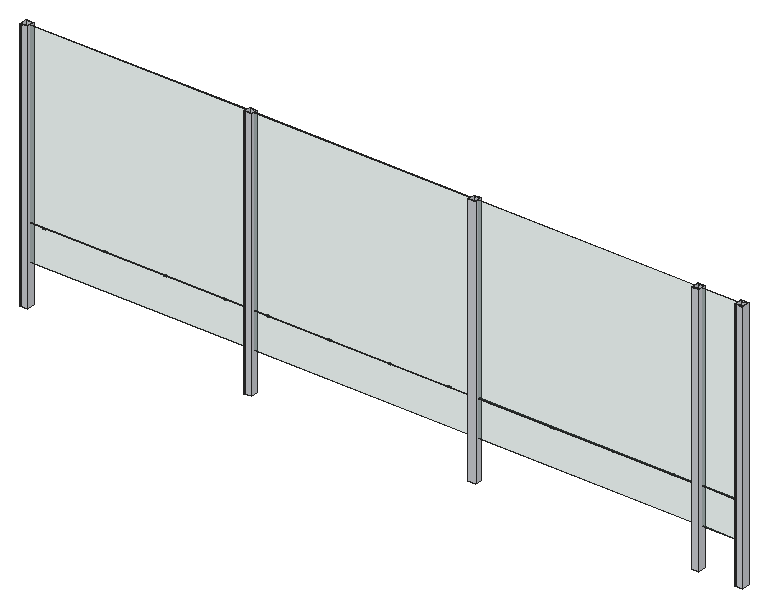
Revit family "Ограждение_Составное_Панель_2D_3000", category Специальное оборудование, Revit 2019
Family settings
  Размер круглого соединителя = Использовать диаметр
  Тип детали = Нормальный
  При загрузке вырезать с полостями = Нет
  Общий = Нет
  Точка расчета площади = Нет
Parameters (values of type "Панель 3000_Под бетон_Столб 100х100")
  Ячейка 50х200 [instance] = not(Ячейка 50х150)  # no
  Ячейка 50х150 [instance] = yes
  Ширина столба = 100 mm
  Ширина резаной [instance] = if(not(Шаг последнего столба - Ширина столба > 0 mm), 1 mm, Шаг последнего столба - Ширина столба)  # 500 mm
  Ширина панели = 3000 mm
  Ширина 1ой панели [instance] = if([built-in parameter 1001306] < Шаг столбов, 1 mm, Шаг столбов - Ширина столба)  # 3000 mm
  Шаг столбов [instance] = Ширина панели + Ширина столба  # 3100 mm
  Условное обозначение [instance] = no
  Толщина стенки столба [instance] = 3 mm
  Тип крепежа [instance] = 2
  Таблица высот 2д [instance] = "Таблица высот 2д"  # constant formula
  С фланцем под В.О. = not(or(Под бетонирование, С фланцем))  # no
  С фланцем = no
  Показать последний [instance] = yes
  Показать первый [instance] = yes
  Шаг последнего столба [instance] = if(if(not([built-in parameter 1001306] > Шаг столбов), [built-in parameter 1001306], [built-in parameter 1001306] - (rounddown([built-in parameter 1001306] / Шаг столбов) * Шаг столбов)) = 0 mm, Шаг столбов, if(not([built-in parameter 1001306] > Шаг столбов), [built-in parameter 1001306], [built-in parameter 1001306] - (rounddown([built-in parameter 1001306] / Шаг столбов) * Шаг столбов)))  # 600 mm
  Расчёт ячейки [instance] = if(Ячейка 50х150, 2, 0)  # 2
  Пруток D=5/5/5мм [instance] = not(or([Пруток D=6/5/6], [Пруток D=8/6/8мм]))  # yes
  Пруток D=8/6/8мм [instance] = no
  Пруток D=6/5/6 [instance] = no
  Показать средний столб [instance] = N панелей = 2  # no
  Под насадку [instance] = no
  Под бетонирование = yes
  Отступ панели от основания = 40 mm
  Отступ панели = Ширина столба / 2  # 50 mm
  Ограничитель высоты [instance] = roundup(if(Высота забора < 3000 mm, 3000 mm, if(Высота забора > 4900 mm, 4900 mm, Высота забора)) / 100 mm) * 100 mm  # 3000 mm
  Инструкция [instance] = "https://docs.google.com/document/d/1XoauSrwt7IGAhMdFAXwtCzeMTNeNAc0jOe2-wnaxtaw/edit#heading=h.gjdgxs"
  Изготовитель = [ADSK_Завод-изготовитель]  # "FENSYS"
  built-in parameter 1001306 [instance] = 9900 mm
  Диаметр сваи [instance] = 57 mm
  Группа модели = "Ограждение"  # constant formula
  Глубина столба = 100 mm
  Высота столба [instance] = Отступ панели от основания + Высота нижней панели + Высота верхней панели  # 3000 mm
  Высота сваи [instance] = 1000 mm
  Расчет D прутка [instance] = if([Пруток D=6/5/6], 1, if([Пруток D=8/6/8мм], 2, 0))  # 0
  Высота нижней панели [instance] = size_lookup(Таблица высот 2д, "Высота нижней панели", 500 mm, Ограничитель высоты)  # 500 mm
  Высота межпанельного крепежа [instance] = Высота нижней панели + 40 mm  # 540 mm
  Высота забора [instance] = 3000 mm
  Высота верхней панели [instance] = Ограничитель высоты - 40 mm - Высота нижней панели  # 2460 mm
  Выбор типа основания [instance] = if(Под бетонирование, 1, if(С фланцем, 2, 0))  # 1
  Видимость соединителей первой панели [instance] = and([built-in parameter 1001306] > Шаг столбов, [built-in parameter 1001306] < Шаг столбов * 2)  # no
  Видимость массива соединителей последней панели [instance] = and(not(Шаг последнего столба - Ширина столба < 1000 mm), not([built-in parameter 1001306] = Шаг столбов * 2))  # no
  Видимость одного соединителя последней панели [instance] = and(Шаг последнего столба - Ширина столба < 1000 mm, Шаг последнего столба - Ширина столба > 500 mm)  # no
  Видимость массива столбов [instance] = N панелей > 2  # yes
  Видимость соединителей массива [instance] = not([built-in parameter 1001306] < Шаг столбов * 2)  # yes
  Видимость массива панелей [instance] = N панелей > 2  # yes
  Видимость 1ой панели [instance] = N панелей = 2  # no
  URL = "https://www.fensys.ru/oprosnyy-list/"
  N столбов в массиве [instance] = if((N панелей - 1) < 2, 2, N панелей - 1)  # 3
  N панелей в массиве [instance] = if(N панелей > 2, N панелей - 1, 2)  # 3
  N панелей [instance] = if([built-in parameter 1001306] > Шаг столбов, roundup([built-in parameter 1001306] / Шаг столбов), 1)  # 4
  ADSK_Размер_Длина [instance] = [built-in parameter 1001306]  # 9900 mm
  ADSK_Наименование = "Ограждение составное 2д - Панель 3000_Под бетон_Столб 100х100"
  ADSK_Завод-изготовитель = "FENSYS"  # constant formula
  ADSK_Единица измерения = "м."  # constant formula
Reference planes
  plane 1 "По центру (Вперед/Назад)": y = 0
  plane 2: z = 0
  plane 3 "Слева": x = 0
  plane 4 "Справа": x = 9900
  plane 5 "Верх стойки": z = 3000
  plane 6: x = 3100
  plane 7: x = 6200
  plane 8 "ось предпоследнего столба": x = 9300
  plane 9 "Низ нижней панели": z = 40
  plane 10 "По центру Л/С": z = 540
Lines and regions (mm)
  reference lines
    curve 1: line (0, 0, 0) -> (9900, 0, 0)
Dimensions and locks
  "built-in parameter 1001306": plane 3 "Слева" to plane 4 "Справа"
  "Ограничитель высоты": plane 5 "Верх стойки" to level
  "Шаг столбов": plane 3 "Слева" to plane 6
  "Шаг столбов": plane 6 to plane 7
  "Шаг последнего столба": plane 8 "ось предпоследнего столба" to plane 4 "Справа"
  equal spacing: group 1, group 2, group 9  (x3)
  equal spacing: group 3, group 4, group 10  (x3)
  locked: plane 9 "Низ нижней панели" to plane 2 at 40
  "Высота нижней панели": plane 10 "По центру Л/С" to plane 9 "Низ нижней панели"
  plane 5 "Верх стойки" to plane 9 "Низ нижней панели" = 2960 mm
  equal spacing: group 5, group 6, group 11  (x2)
  equal spacing: group 11, group 6, group 5
  equal spacing: group 7, group 8, group 12  (x3)
  aligned and locked: plane 4 "Справа" to curve 1
  aligned and locked: plane 1 "По центру (Вперед/Назад)" to curve 1
  aligned and locked: plane 3 "Слева" to curve 1
  aligned and locked: level to plane 2
  aligned and locked: plane 3 "Слева" to nested 1
  aligned and locked: plane 1 "По центру (Вперед/Назад)" to nested 1
  aligned and locked: plane 6 to nested 2
  aligned and locked: curve 1 to nested 2
  aligned and locked: curve 1 to nested 3
  aligned and locked: plane 3 "Слева" to nested 5
  aligned and locked: plane 6 to nested 6
  aligned and locked: plane 1 "По центру (Вперед/Назад)" to nested 5
  aligned and locked: plane 1 "По центру (Вперед/Назад)" to nested 6
  aligned and locked: nested 7 to curve 1
  aligned and locked: plane 1 "По центру (Вперед/Назад)" to nested 7
  aligned and locked: plane 6 to nested 8
  aligned and locked: nested 3 to plane 4 "Справа"
  aligned and locked: plane 5 "Верх стойки" to nested 1  (x3)
  aligned and locked: plane 5 "Верх стойки" to nested 3  (x2)
  aligned and locked: plane 7 to nested 44
  aligned and locked: plane 6 to nested 27
  aligned and locked: plane 3 "Слева" to nested 54
  aligned and locked: plane 6 to nested 55
  aligned and locked: plane 8 "ось предпоследнего столба" to nested 56
  aligned and locked: plane 3 "Слева" to nested 57
  aligned and locked: plane 1 "По центру (Вперед/Назад)" to nested 54
  aligned and locked: plane 1 "По центру (Вперед/Назад)" to nested 55
  aligned and locked: plane 1 "По центру (Вперед/Назад)" to nested 56
  aligned and locked: plane 1 "По центру (Вперед/Назад)" to nested 57
  aligned and locked: plane 10 "По центру Л/С" to nested 26
  aligned and locked: nested 25 to plane 10 "По центру Л/С"
  aligned and locked: plane 10 "По центру Л/С" to nested 53
  aligned and locked: plane 4 "Справа" to nested 26
  aligned and locked: plane 4 "Справа" to nested 4
  aligned and locked: nested 5 to plane 9 "Низ нижней панели"
  aligned and locked: plane 3 "Слева" to nested 7
  aligned and locked: nested 75 to plane 10 "По центру Л/С"
  aligned and locked: plane 5 "Верх стойки" to nested 2
  aligned and locked: plane 5 "Верх стойки" to nested 76
  aligned and locked: plane 5 "Верх стойки" to nested 6
Nested families
  nested 1: "В_Столб" at (0, 0, 0), visible <- "Показать первый", ADSK_Размер_Толщина стенки <- "Толщина стенки столба", ADSK_Размер_Глубина <- "Глубина столба", Диаметр сваи <- "Диаметр сваи", Высота сваи <- "Высота сваи", Под бетонирование <- "Под бетонирование", С фланцем <- "С фланцем", С фланцем под в.о. <- "С фланцем под В.О.", ADSK_Размер_Ширина <- "Ширина столба", ADSK_Комплект <- "Группа модели", Под насадку <- "Под насадку", Тип крепежа <- "Тип крепежа", Условное обозначение <- "Условное обозначение", ADSK_Размер_Высота <- "Ограничитель высоты", Высота забора <- "Ограничитель высоты", type "Столб"
    with Условное обозначение no, Тип крепежа 2, Таблица "Столб новый", С фланцем под в.о. no, С фланцем no, Под насадку число 1, Под насадку no, Под бетонирование yes, Ограничитель крепежа 2, Крепеж в массиве 6, Длина под бетонирование 500 mm, Диаметр сваи 57 mm, Высота сваи 1000 mm, Высота забора 3000 mm, Выбор типа крепления 1, N крепежа в массиве 6, ADSK_Размер_Ширина 100 mm, ADSK_Размер_Толщина стенки 3 mm, ADSK_Размер_Глубина 100 mm, ADSK_Размер_Высота 3000 mm, ADSK_Обозначение "SI", ADSK_Наименование "Столб ограждения (под насадку): профиль 100x100x3 мм, L= 3000 мм, под бетонирование", ADSK_Масса 27.9, ADSK_Комплект "Ограждение", ADSK_Код изделия "21731N"
  nested 2: "В_Столб" at (3100, 0, 0), visible <- "Показать средний столб", ADSK_Размер_Толщина стенки <- "Толщина стенки столба", ADSK_Размер_Глубина <- "Глубина столба", Диаметр сваи <- "Диаметр сваи", Высота сваи <- "Высота сваи", Под бетонирование <- "Под бетонирование", С фланцем <- "С фланцем", С фланцем под в.о. <- "С фланцем под В.О.", ADSK_Размер_Ширина <- "Ширина столба", ADSK_Комплект <- "Группа модели", Под насадку <- "Под насадку", Тип крепежа <- "Тип крепежа", Условное обозначение <- "Условное обозначение", Высота забора <- "Ограничитель высоты", type "Столб"
    with Условное обозначение no, Тип крепежа 2, Таблица "Столб новый", С фланцем под в.о. no, С фланцем no, Под насадку число 1, Под насадку no, Под бетонирование yes, Ограничитель крепежа 2, Крепеж в массиве 6, Длина под бетонирование 500 mm, Диаметр сваи 57 mm, Высота сваи 1000 mm, Высота забора 3000 mm, Выбор типа крепления 1, N крепежа в массиве 6, ADSK_Размер_Ширина 100 mm, ADSK_Размер_Толщина стенки 3 mm, ADSK_Размер_Глубина 100 mm, ADSK_Размер_Высота 3000 mm, ADSK_Обозначение "SI", ADSK_Наименование "Столб ограждения (под насадку): профиль 100x100x3 мм, L= 3000 мм, под бетонирование", ADSK_Масса 27.9, ADSK_Комплект "Ограждение", ADSK_Код изделия "21731N"
  nested 3: "В_Столб" at (9900, 0, 0), visible <- "Показать последний", ADSK_Размер_Толщина стенки <- "Толщина стенки столба", ADSK_Размер_Глубина <- "Глубина столба", Диаметр сваи <- "Диаметр сваи", Высота сваи <- "Высота сваи", Под бетонирование <- "Под бетонирование", С фланцем <- "С фланцем", С фланцем под в.о. <- "С фланцем под В.О.", ADSK_Размер_Ширина <- "Ширина столба", ADSK_Комплект <- "Группа модели", Под насадку <- "Под насадку", Тип крепежа <- "Тип крепежа", Условное обозначение <- "Условное обозначение", Высота забора <- "Ограничитель высоты", type "Столб"
    with Условное обозначение no, Тип крепежа 2, Таблица "Столб новый", С фланцем под в.о. no, С фланцем no, Под насадку число 1, Под насадку no, Под бетонирование yes, Ограничитель крепежа 2, Крепеж в массиве 6, Длина под бетонирование 500 mm, Диаметр сваи 57 mm, Высота сваи 1000 mm, Высота забора 3000 mm, Выбор типа крепления 1, N крепежа в массиве 6, ADSK_Размер_Ширина 100 mm, ADSK_Размер_Толщина стенки 3 mm, ADSK_Размер_Глубина 100 mm, ADSK_Размер_Высота 3000 mm, ADSK_Обозначение "SI", ADSK_Наименование "Столб ограждения (под насадку): профиль 100x100x3 мм, L= 3000 мм, под бетонирование", ADSK_Масса 27.9, ADSK_Комплект "Ограждение", ADSK_Код изделия "21731N"
  nested 4: "В_Панель_2D" at (9300, 0, 0), ADSK_Размер_Высота <- "Высота нижней панели", Отступ панели от основания <- "Отступ панели от основания", Отступ панели <- "Отступ панели", Размер ячейки <- "Расчёт ячейки", Размер прутка <- "Расчет D прутка", ADSK_Размер_Ширина <- "Ширина резаной", Тип крепежа <- "Тип крепежа", ADSK_Комплект <- "Группа модели", type "Панель 2500"
    with Тип крепежа 2, Расчетная длина 600 mm, Размер ячейки 2, Размер прутка 0, Отступ панели от основания 40 mm, Отступ панели 50 mm, ADSK_Размер_Ширина 500 mm, ADSK_Размер_Высота 500 mm, ADSK_Примечание "", ADSK_Обозначение "GUARD-T", ADSK_Наименование "Панель под подрезку", ADSK_Масса 0, ADSK_Комплект "Ограждение", ADSK_Код изделия " "
  nested 5: "В_Панель_2D" at (0, 0, 0), ADSK_Размер_Высота <- "Высота нижней панели", Отступ панели от основания <- "Отступ панели от основания", Отступ панели <- "Отступ панели", visible <- "Видимость массива панелей", Размер ячейки <- "Расчёт ячейки", Размер прутка <- "Расчет D прутка", Тип крепежа <- "Тип крепежа", ADSK_Комплект <- "Группа модели", ADSK_Размер_Ширина <- "Ширина панели", type "Панель 2500"
    with Тип крепежа 2, Расчетная длина 3100 mm, Размер ячейки 2, Размер прутка 0, Отступ панели от основания 40 mm, Отступ панели 50 mm, ADSK_Размер_Ширина 3000 mm, ADSK_Размер_Высота 500 mm, ADSK_Примечание "", ADSK_Обозначение "GUARD-T", ADSK_Наименование "Панель под подрезку", ADSK_Масса 0, ADSK_Комплект "Ограждение", ADSK_Код изделия " "
  nested 6: "В_Столб" at (3100, 0, 0), visible <- "Видимость массива столбов", ADSK_Размер_Толщина стенки <- "Толщина стенки столба", ADSK_Размер_Глубина <- "Глубина столба", Диаметр сваи <- "Диаметр сваи", Высота сваи <- "Высота сваи", Под бетонирование <- "Под бетонирование", С фланцем <- "С фланцем", С фланцем под в.о. <- "С фланцем под В.О.", ADSK_Размер_Ширина <- "Ширина столба", ADSK_Комплект <- "Группа модели", Под насадку <- "Под насадку", Тип крепежа <- "Тип крепежа", Условное обозначение <- "Условное обозначение", Высота забора <- "Ограничитель высоты", type "Столб"
    with Условное обозначение no, Тип крепежа 2, Таблица "Столб новый", С фланцем под в.о. no, С фланцем no, Под насадку число 1, Под насадку no, Под бетонирование yes, Ограничитель крепежа 2, Крепеж в массиве 6, Длина под бетонирование 500 mm, Диаметр сваи 57 mm, Высота сваи 1000 mm, Высота забора 3000 mm, Выбор типа крепления 1, N крепежа в массиве 6, ADSK_Размер_Ширина 100 mm, ADSK_Размер_Толщина стенки 3 mm, ADSK_Размер_Глубина 100 mm, ADSK_Размер_Высота 3000 mm, ADSK_Обозначение "SI", ADSK_Наименование "Столб ограждения (под насадку): профиль 100x100x3 мм, L= 3000 мм, под бетонирование", ADSK_Масса 27.9, ADSK_Комплект "Ограждение", ADSK_Код изделия "21731N"
  nested 7: "В_Панель_2D" at (0, 0, 0), ADSK_Размер_Высота <- "Высота нижней панели", Отступ панели от основания <- "Отступ панели от основания", Отступ панели <- "Отступ панели", visible <- "Видимость 1ой панели", Размер ячейки <- "Расчёт ячейки", Размер прутка <- "Расчет D прутка", Тип крепежа <- "Тип крепежа", ADSK_Комплект <- "Группа модели", ADSK_Размер_Ширина <- "Ширина 1ой панели", type "Панель 2500"
    with Тип крепежа 2, Расчетная длина 3100 mm, Размер ячейки 2, Размер прутка 0, Отступ панели от основания 40 mm, Отступ панели 50 mm, ADSK_Размер_Ширина 3000 mm, ADSK_Размер_Высота 500 mm, ADSK_Примечание "", ADSK_Обозначение "GUARD-T", ADSK_Наименование "Панель под подрезку", ADSK_Масса 0, ADSK_Комплект "Ограждение", ADSK_Код изделия " "
  nested 8: "В_Панель_2D" at (3100, 0, 0), ADSK_Размер_Высота <- "Высота нижней панели", Отступ панели от основания <- "Отступ панели от основания", Отступ панели <- "Отступ панели", visible <- "Видимость массива панелей", Размер ячейки <- "Расчёт ячейки", Размер прутка <- "Расчет D прутка", Тип крепежа <- "Тип крепежа", ADSK_Комплект <- "Группа модели", ADSK_Размер_Ширина <- "Ширина панели", type "Панель 2500"
    with Тип крепежа 2, Расчетная длина 3100 mm, Размер ячейки 2, Размер прутка 0, Отступ панели от основания 40 mm, Отступ панели 50 mm, ADSK_Размер_Ширина 3000 mm, ADSK_Размер_Высота 500 mm, ADSK_Примечание "", ADSK_Обозначение "GUARD-T", ADSK_Наименование "Панель под подрезку", ADSK_Масса 0, ADSK_Комплект "Ограждение", ADSK_Код изделия " "
  nested 9: "В_Крепеж" at (0, 0, 2965), type "Крепеж"
    with Ширина столба 0 mm, Тип крепежа 2, Путь к таблице "Таблица крепежей", Видимость метизов yes, Y насадка no, ADSK_Обозначение "Крепеж", ADSK_Наименование "Скоба F50", ADSK_Комплект "Ограждение", ADSK_Количество 1, ADSK_Код изделия "8903K"
  nested 10: "В_Крепеж" at (0, 0, 104.903), type "Крепеж"
    with Ширина столба 0 mm, Тип крепежа 2, Путь к таблице "Таблица крепежей", Видимость метизов yes, Y насадка no, ADSK_Обозначение "Крепеж", ADSK_Наименование "Скоба F50", ADSK_Комплект "Ограждение", ADSK_Количество 1, ADSK_Код изделия "8903K"
  nested 11: "В_Крепеж" at (3100, 0, 2965), type "Крепеж"
    with Ширина столба 0 mm, Тип крепежа 2, Путь к таблице "Таблица крепежей", Видимость метизов yes, Y насадка no, ADSK_Обозначение "Крепеж", ADSK_Наименование "Скоба F50", ADSK_Комплект "Ограждение", ADSK_Количество 1, ADSK_Код изделия "8903K"
  nested 12: "В_Крепеж" at (3100, 0, 104.903), type "Крепеж"
    with Ширина столба 0 mm, Тип крепежа 2, Путь к таблице "Таблица крепежей", Видимость метизов yes, Y насадка no, ADSK_Обозначение "Крепеж", ADSK_Наименование "Скоба F50", ADSK_Комплект "Ограждение", ADSK_Количество 1, ADSK_Код изделия "8903K"
  nested 13: "В_Крепеж" at (9900, 0, 2965), type "Крепеж"
    with Ширина столба 0 mm, Тип крепежа 2, Путь к таблице "Таблица крепежей", Видимость метизов yes, Y насадка no, ADSK_Обозначение "Крепеж", ADSK_Наименование "Скоба F50", ADSK_Комплект "Ограждение", ADSK_Количество 1, ADSK_Код изделия "8903K"
  nested 14: "В_Крепеж" at (9900, 0, 104.903), type "Крепеж"
    with Ширина столба 0 mm, Тип крепежа 2, Путь к таблице "Таблица крепежей", Видимость метизов yes, Y насадка no, ADSK_Обозначение "Крепеж", ADSK_Наименование "Скоба F50", ADSK_Комплект "Ограждение", ADSK_Количество 1, ADSK_Код изделия "8903K"
  nested 15: "В_Крепеж" at (3100, 0, 2965), type "Крепеж"
    with Ширина столба 0 mm, Тип крепежа 2, Путь к таблице "Таблица крепежей", Видимость метизов yes, Y насадка no, ADSK_Обозначение "Крепеж", ADSK_Наименование "Скоба F50", ADSK_Комплект "Ограждение", ADSK_Количество 1, ADSK_Код изделия "8903K"
  nested 16: "В_Крепеж" at (3100, 0, 104.903), type "Крепеж"
    with Ширина столба 0 mm, Тип крепежа 2, Путь к таблице "Таблица крепежей", Видимость метизов yes, Y насадка no, ADSK_Обозначение "Крепеж", ADSK_Наименование "Скоба F50", ADSK_Комплект "Ограждение", ADSK_Количество 1, ADSK_Код изделия "8903K"
  nested 17: "В_Метизы" at (20, 0, 2965), type "Метизы"
    with Тип крепежа 2, Путь к таблице "Таблица метизов", ADSK_Наименование "Комплект метизов «В» для крепления скобы из нержавеющей стали (Винт М8х30 ISO 7380 А2   - 4 шт., Шайба D8 DIN 125 А2-70 - 4 шт.,Шайба 8 DIN 127 нерж.)", ADSK_Комплект "Ограждение", ADSK_Количество 1, ADSK_Код изделия "8923"
  nested 18: "В_Метизы" at (20, 0, 104.903), type "Метизы"
    with Тип крепежа 2, Путь к таблице "Таблица метизов", ADSK_Наименование "Комплект метизов «В» для крепления скобы из нержавеющей стали (Винт М8х30 ISO 7380 А2   - 4 шт., Шайба D8 DIN 125 А2-70 - 4 шт.,Шайба 8 DIN 127 нерж.)", ADSK_Комплект "Ограждение", ADSK_Количество 1, ADSK_Код изделия "8923"
  nested 19: "В_Метизы" at (3120, 0, 2965), type "Метизы"
    with Тип крепежа 2, Путь к таблице "Таблица метизов", ADSK_Наименование "Комплект метизов «В» для крепления скобы из нержавеющей стали (Винт М8х30 ISO 7380 А2   - 4 шт., Шайба D8 DIN 125 А2-70 - 4 шт.,Шайба 8 DIN 127 нерж.)", ADSK_Комплект "Ограждение", ADSK_Количество 1, ADSK_Код изделия "8923"
  nested 20: "В_Метизы" at (3120, 0, 104.903), type "Метизы"
    with Тип крепежа 2, Путь к таблице "Таблица метизов", ADSK_Наименование "Комплект метизов «В» для крепления скобы из нержавеющей стали (Винт М8х30 ISO 7380 А2   - 4 шт., Шайба D8 DIN 125 А2-70 - 4 шт.,Шайба 8 DIN 127 нерж.)", ADSK_Комплект "Ограждение", ADSK_Количество 1, ADSK_Код изделия "8923"
  nested 21: "В_Метизы" at (9920, 0, 2965), type "Метизы"
    with Тип крепежа 2, Путь к таблице "Таблица метизов", ADSK_Наименование "Комплект метизов «В» для крепления скобы из нержавеющей стали (Винт М8х30 ISO 7380 А2   - 4 шт., Шайба D8 DIN 125 А2-70 - 4 шт.,Шайба 8 DIN 127 нерж.)", ADSK_Комплект "Ограждение", ADSK_Количество 1, ADSK_Код изделия "8923"
  nested 22: "В_Метизы" at (9920, 0, 104.903), type "Метизы"
    with Тип крепежа 2, Путь к таблице "Таблица метизов", ADSK_Наименование "Комплект метизов «В» для крепления скобы из нержавеющей стали (Винт М8х30 ISO 7380 А2   - 4 шт., Шайба D8 DIN 125 А2-70 - 4 шт.,Шайба 8 DIN 127 нерж.)", ADSK_Комплект "Ограждение", ADSK_Количество 1, ADSK_Код изделия "8923"
  nested 23: "В_Метизы" at (3120, 0, 2965), type "Метизы"
    with Тип крепежа 2, Путь к таблице "Таблица метизов", ADSK_Наименование "Комплект метизов «В» для крепления скобы из нержавеющей стали (Винт М8х30 ISO 7380 А2   - 4 шт., Шайба D8 DIN 125 А2-70 - 4 шт.,Шайба 8 DIN 127 нерж.)", ADSK_Комплект "Ограждение", ADSK_Количество 1, ADSK_Код изделия "8923"
  nested 24: "В_Метизы" at (3120, 0, 104.903), type "Метизы"
    with Тип крепежа 2, Путь к таблице "Таблица метизов", ADSK_Наименование "Комплект метизов «В» для крепления скобы из нержавеющей стали (Винт М8х30 ISO 7380 А2   - 4 шт., Шайба D8 DIN 125 А2-70 - 4 шт.,Шайба 8 DIN 127 нерж.)", ADSK_Комплект "Ограждение", ADSK_Количество 1, ADSK_Код изделия "8923"
  nested 25: "В_Панель_2D" at (0, 0, 500), ADSK_Размер_Высота <- "Высота верхней панели", Отступ панели от основания <- "Отступ панели от основания", Отступ панели <- "Отступ панели", visible <- "Видимость массива панелей", Размер ячейки <- "Расчёт ячейки", Размер прутка <- "Расчет D прутка", Тип крепежа <- "Тип крепежа", ADSK_Комплект <- "Группа модели", ADSK_Размер_Ширина <- "Ширина панели", type "Панель 2500"
    with Тип крепежа 2, Расчетная длина 3100 mm, Размер ячейки 2, Размер прутка 0, Отступ панели от основания 40 mm, Отступ панели 50 mm, ADSK_Размер_Ширина 3000 mm, ADSK_Размер_Высота 2460 mm, ADSK_Примечание "", ADSK_Обозначение "GUARD-T", ADSK_Наименование "Панель под подрезку", ADSK_Масса 0, ADSK_Комплект "Ограждение", ADSK_Код изделия " "
  nested 26: "В_Панель_2D" at (9300, 0, 500), ADSK_Размер_Высота <- "Высота верхней панели", Отступ панели от основания <- "Отступ панели от основания", Отступ панели <- "Отступ панели", Размер ячейки <- "Расчёт ячейки", Размер прутка <- "Расчет D прутка", ADSK_Размер_Ширина <- "Ширина резаной", Тип крепежа <- "Тип крепежа", ADSK_Комплект <- "Группа модели", type "Панель 2500"
    with Тип крепежа 2, Расчетная длина 600 mm, Размер ячейки 2, Размер прутка 0, Отступ панели от основания 40 mm, Отступ панели 50 mm, ADSK_Размер_Ширина 500 mm, ADSK_Размер_Высота 2460 mm, ADSK_Примечание "", ADSK_Обозначение "GUARD-T", ADSK_Наименование "Панель под подрезку", ADSK_Масса 0, ADSK_Комплект "Ограждение", ADSK_Код изделия " "
  nested 27: "В_Панель_2D" at (3100, 0, 500), ADSK_Размер_Высота <- "Высота верхней панели", Отступ панели от основания <- "Отступ панели от основания", Отступ панели <- "Отступ панели", visible <- "Видимость массива панелей", Размер ячейки <- "Расчёт ячейки", Размер прутка <- "Расчет D прутка", Тип крепежа <- "Тип крепежа", ADSK_Комплект <- "Группа модели", ADSK_Размер_Ширина <- "Ширина панели", type "Панель 2500"
    with Тип крепежа 2, Расчетная длина 3100 mm, Размер ячейки 2, Размер прутка 0, Отступ панели от основания 40 mm, Отступ панели 50 mm, ADSK_Размер_Ширина 3000 mm, ADSK_Размер_Высота 2460 mm, ADSK_Примечание "", ADSK_Обозначение "GUARD-T", ADSK_Наименование "Панель под подрезку", ADSK_Масса 0, ADSK_Комплект "Ограждение", ADSK_Код изделия " "
  nested 28: "В_Крепеж" at (0, 0, 676.923), type "Крепеж"
    with Ширина столба 0 mm, Тип крепежа 2, Путь к таблице "Таблица крепежей", Видимость метизов yes, Y насадка no, ADSK_Обозначение "Крепеж", ADSK_Наименование "Скоба F50", ADSK_Комплект "Ограждение", ADSK_Количество 1, ADSK_Код изделия "8903K"
  nested 29: "В_Метизы" at (20, 0, 676.923), type "Метизы"
    with Тип крепежа 2, Путь к таблице "Таблица метизов", ADSK_Наименование "Комплект метизов «В» для крепления скобы из нержавеющей стали (Винт М8х30 ISO 7380 А2   - 4 шт., Шайба D8 DIN 125 А2-70 - 4 шт.,Шайба 8 DIN 127 нерж.)", ADSK_Комплект "Ограждение", ADSK_Количество 1, ADSK_Код изделия "8923"
  nested 30: "В_Крепеж" at (3100, 0, 676.923), type "Крепеж"
    with Ширина столба 0 mm, Тип крепежа 2, Путь к таблице "Таблица крепежей", Видимость метизов yes, Y насадка no, ADSK_Обозначение "Крепеж", ADSK_Наименование "Скоба F50", ADSK_Комплект "Ограждение", ADSK_Количество 1, ADSK_Код изделия "8903K"
  nested 31: "В_Метизы" at (3120, 0, 676.923), type "Метизы"
    with Тип крепежа 2, Путь к таблице "Таблица метизов", ADSK_Наименование "Комплект метизов «В» для крепления скобы из нержавеющей стали (Винт М8х30 ISO 7380 А2   - 4 шт., Шайба D8 DIN 125 А2-70 - 4 шт.,Шайба 8 DIN 127 нерж.)", ADSK_Комплект "Ограждение", ADSK_Количество 1, ADSK_Код изделия "8923"
  nested 32: "В_Крепеж" at (3100, 0, 676.923), type "Крепеж"
    with Ширина столба 0 mm, Тип крепежа 2, Путь к таблице "Таблица крепежей", Видимость метизов yes, Y насадка no, ADSK_Обозначение "Крепеж", ADSK_Наименование "Скоба F50", ADSK_Комплект "Ограждение", ADSK_Количество 1, ADSK_Код изделия "8903K"
  nested 33: "В_Метизы" at (3120, 0, 676.923), type "Метизы"
    with Тип крепежа 2, Путь к таблице "Таблица метизов", ADSK_Наименование "Комплект метизов «В» для крепления скобы из нержавеющей стали (Винт М8х30 ISO 7380 А2   - 4 шт., Шайба D8 DIN 125 А2-70 - 4 шт.,Шайба 8 DIN 127 нерж.)", ADSK_Комплект "Ограждение", ADSK_Количество 1, ADSK_Код изделия "8923"
  nested 34: "В_Крепеж" at (0, 0, 1248.942), type "Крепеж"
    with Ширина столба 0 mm, Тип крепежа 2, Путь к таблице "Таблица крепежей", Видимость метизов yes, Y насадка no, ADSK_Обозначение "Крепеж", ADSK_Наименование "Скоба F50", ADSK_Комплект "Ограждение", ADSK_Количество 1, ADSK_Код изделия "8903K"
  nested 35: "В_Метизы" at (20, 0, 1248.942), type "Метизы"
    with Тип крепежа 2, Путь к таблице "Таблица метизов", ADSK_Наименование "Комплект метизов «В» для крепления скобы из нержавеющей стали (Винт М8х30 ISO 7380 А2   - 4 шт., Шайба D8 DIN 125 А2-70 - 4 шт.,Шайба 8 DIN 127 нерж.)", ADSK_Комплект "Ограждение", ADSK_Количество 1, ADSK_Код изделия "8923"
  nested 36: "В_Крепеж" at (3100, 0, 1248.942), type "Крепеж"
    with Ширина столба 0 mm, Тип крепежа 2, Путь к таблице "Таблица крепежей", Видимость метизов yes, Y насадка no, ADSK_Обозначение "Крепеж", ADSK_Наименование "Скоба F50", ADSK_Комплект "Ограждение", ADSK_Количество 1, ADSK_Код изделия "8903K"
  nested 37: "В_Метизы" at (3120, 0, 1248.942), type "Метизы"
    with Тип крепежа 2, Путь к таблице "Таблица метизов", ADSK_Наименование "Комплект метизов «В» для крепления скобы из нержавеющей стали (Винт М8х30 ISO 7380 А2   - 4 шт., Шайба D8 DIN 125 А2-70 - 4 шт.,Шайба 8 DIN 127 нерж.)", ADSK_Комплект "Ограждение", ADSK_Количество 1, ADSK_Код изделия "8923"
  nested 38: "В_Крепеж" at (9900, 0, 1248.942), type "Крепеж"
    with Ширина столба 0 mm, Тип крепежа 2, Путь к таблице "Таблица крепежей", Видимость метизов yes, Y насадка no, ADSK_Обозначение "Крепеж", ADSK_Наименование "Скоба F50", ADSK_Комплект "Ограждение", ADSK_Количество 1, ADSK_Код изделия "8903K"
  nested 39: "В_Крепеж" at (9900, 0, 676.923), type "Крепеж"
    with Ширина столба 0 mm, Тип крепежа 2, Путь к таблице "Таблица крепежей", Видимость метизов yes, Y насадка no, ADSK_Обозначение "Крепеж", ADSK_Наименование "Скоба F50", ADSK_Комплект "Ограждение", ADSK_Количество 1, ADSK_Код изделия "8903K"
  nested 40: "В_Метизы" at (9920, 0, 1248.942), type "Метизы"
    with Тип крепежа 2, Путь к таблице "Таблица метизов", ADSK_Наименование "Комплект метизов «В» для крепления скобы из нержавеющей стали (Винт М8х30 ISO 7380 А2   - 4 шт., Шайба D8 DIN 125 А2-70 - 4 шт.,Шайба 8 DIN 127 нерж.)", ADSK_Комплект "Ограждение", ADSK_Количество 1, ADSK_Код изделия "8923"
  nested 41: "В_Метизы" at (9920, 0, 676.923), type "Метизы"
    with Тип крепежа 2, Путь к таблице "Таблица метизов", ADSK_Наименование "Комплект метизов «В» для крепления скобы из нержавеющей стали (Винт М8х30 ISO 7380 А2   - 4 шт., Шайба D8 DIN 125 А2-70 - 4 шт.,Шайба 8 DIN 127 нерж.)", ADSK_Комплект "Ограждение", ADSK_Количество 1, ADSK_Код изделия "8923"
  nested 42: "В_Крепеж" at (3100, 0, 1248.942), type "Крепеж"
    with Ширина столба 0 mm, Тип крепежа 2, Путь к таблице "Таблица крепежей", Видимость метизов yes, Y насадка no, ADSK_Обозначение "Крепеж", ADSK_Наименование "Скоба F50", ADSK_Комплект "Ограждение", ADSK_Количество 1, ADSK_Код изделия "8903K"
  nested 43: "В_Метизы" at (3120, 0, 1248.942), type "Метизы"
    with Тип крепежа 2, Путь к таблице "Таблица метизов", ADSK_Наименование "Комплект метизов «В» для крепления скобы из нержавеющей стали (Винт М8х30 ISO 7380 А2   - 4 шт., Шайба D8 DIN 125 А2-70 - 4 шт.,Шайба 8 DIN 127 нерж.)", ADSK_Комплект "Ограждение", ADSK_Количество 1, ADSK_Код изделия "8923"
  nested 44: "В_Столб" at (6200, 0, 0), visible <- "Видимость массива столбов", ADSK_Размер_Толщина стенки <- "Толщина стенки столба", ADSK_Размер_Глубина <- "Глубина столба", Диаметр сваи <- "Диаметр сваи", Высота сваи <- "Высота сваи", Под бетонирование <- "Под бетонирование", С фланцем <- "С фланцем", С фланцем под в.о. <- "С фланцем под В.О.", ADSK_Размер_Ширина <- "Ширина столба", ADSK_Комплект <- "Группа модели", Под насадку <- "Под насадку", Тип крепежа <- "Тип крепежа", Условное обозначение <- "Условное обозначение", Высота забора <- "Ограничитель высоты", type "Столб"
    with Условное обозначение no, Тип крепежа 2, Таблица "Столб новый", С фланцем под в.о. no, С фланцем no, Под насадку число 1, Под насадку no, Под бетонирование yes, Ограничитель крепежа 2, Крепеж в массиве 6, Длина под бетонирование 500 mm, Диаметр сваи 57 mm, Высота сваи 1000 mm, Высота забора 3000 mm, Выбор типа крепления 1, N крепежа в массиве 6, ADSK_Размер_Ширина 100 mm, ADSK_Размер_Толщина стенки 3 mm, ADSK_Размер_Глубина 100 mm, ADSK_Размер_Высота 3000 mm, ADSK_Обозначение "SI", ADSK_Наименование "Столб ограждения (под насадку): профиль 100x100x3 мм, L= 3000 мм, под бетонирование", ADSK_Масса 27.9, ADSK_Комплект "Ограждение", ADSK_Код изделия "21731N"
  nested 45: "В_Крепеж" at (6200, 0, 2965), type "Крепеж"
    with Ширина столба 0 mm, Тип крепежа 2, Путь к таблице "Таблица крепежей", Видимость метизов yes, Y насадка no, ADSK_Обозначение "Крепеж", ADSK_Наименование "Скоба F50", ADSK_Комплект "Ограждение", ADSK_Количество 1, ADSK_Код изделия "8903K"
  nested 46: "В_Крепеж" at (6200, 0, 104.903), type "Крепеж"
    with Ширина столба 0 mm, Тип крепежа 2, Путь к таблице "Таблица крепежей", Видимость метизов yes, Y насадка no, ADSK_Обозначение "Крепеж", ADSK_Наименование "Скоба F50", ADSK_Комплект "Ограждение", ADSK_Количество 1, ADSK_Код изделия "8903K"
  nested 47: "В_Метизы" at (6220, 0, 2965), type "Метизы"
    with Тип крепежа 2, Путь к таблице "Таблица метизов", ADSK_Наименование "Комплект метизов «В» для крепления скобы из нержавеющей стали (Винт М8х30 ISO 7380 А2   - 4 шт., Шайба D8 DIN 125 А2-70 - 4 шт.,Шайба 8 DIN 127 нерж.)", ADSK_Комплект "Ограждение", ADSK_Количество 1, ADSK_Код изделия "8923"
  nested 48: "В_Метизы" at (6220, 0, 104.903), type "Метизы"
    with Тип крепежа 2, Путь к таблице "Таблица метизов", ADSK_Наименование "Комплект метизов «В» для крепления скобы из нержавеющей стали (Винт М8х30 ISO 7380 А2   - 4 шт., Шайба D8 DIN 125 А2-70 - 4 шт.,Шайба 8 DIN 127 нерж.)", ADSK_Комплект "Ограждение", ADSK_Количество 1, ADSK_Код изделия "8923"
  nested 49: "В_Крепеж" at (6200, 0, 676.923), type "Крепеж"
    with Ширина столба 0 mm, Тип крепежа 2, Путь к таблице "Таблица крепежей", Видимость метизов yes, Y насадка no, ADSK_Обозначение "Крепеж", ADSK_Наименование "Скоба F50", ADSK_Комплект "Ограждение", ADSK_Количество 1, ADSK_Код изделия "8903K"
  nested 50: "В_Метизы" at (6220, 0, 676.923), type "Метизы"
    with Тип крепежа 2, Путь к таблице "Таблица метизов", ADSK_Наименование "Комплект метизов «В» для крепления скобы из нержавеющей стали (Винт М8х30 ISO 7380 А2   - 4 шт., Шайба D8 DIN 125 А2-70 - 4 шт.,Шайба 8 DIN 127 нерж.)", ADSK_Комплект "Ограждение", ADSK_Количество 1, ADSK_Код изделия "8923"
  nested 51: "В_Крепеж" at (6200, 0, 1248.942), type "Крепеж"
    with Ширина столба 0 mm, Тип крепежа 2, Путь к таблице "Таблица крепежей", Видимость метизов yes, Y насадка no, ADSK_Обозначение "Крепеж", ADSK_Наименование "Скоба F50", ADSK_Комплект "Ограждение", ADSK_Количество 1, ADSK_Код изделия "8903K"
  nested 52: "В_Метизы" at (6220, 0, 1248.942), type "Метизы"
    with Тип крепежа 2, Путь к таблице "Таблица метизов", ADSK_Наименование "Комплект метизов «В» для крепления скобы из нержавеющей стали (Винт М8х30 ISO 7380 А2   - 4 шт., Шайба D8 DIN 125 А2-70 - 4 шт.,Шайба 8 DIN 127 нерж.)", ADSK_Комплект "Ограждение", ADSK_Количество 1, ADSK_Код изделия "8923"
  nested 53: "В_Панель_2D" at (0, 0, 500), ADSK_Размер_Высота <- "Высота верхней панели", Отступ панели от основания <- "Отступ панели от основания", Отступ панели <- "Отступ панели", visible <- "Видимость 1ой панели", Размер ячейки <- "Расчёт ячейки", Размер прутка <- "Расчет D прутка", Тип крепежа <- "Тип крепежа", ADSK_Комплект <- "Группа модели", ADSK_Размер_Ширина <- "Ширина 1ой панели", type "Панель 2500"
    with Тип крепежа 2, Расчетная длина 3100 mm, Размер ячейки 2, Размер прутка 0, Отступ панели от основания 40 mm, Отступ панели 50 mm, ADSK_Размер_Ширина 3000 mm, ADSK_Размер_Высота 2460 mm, ADSK_Примечание "", ADSK_Обозначение "GUARD-T", ADSK_Наименование "Панель под подрезку", ADSK_Масса 0, ADSK_Комплект "Ограждение", ADSK_Код изделия " "
  nested 54: "В_Крепеж_межпанельный" at (1500, 0, 540), Шаг столбов <- "Шаг столбов", Ширина столба <- "Ширина столба", Видимость массива <- "Видимость соединителей массива", built-in parameter 1001364 <- "Высота межпанельного крепежа", type "В_Крепеж_межпанельный"
    with Ширина столба 100 mm, Шаг столбов 3100 mm, Тип крепежа 1, Ограничитель длины 3000 mm, Длина панели 3000 mm, Видимость одного крепежа no, Видимость массива yes, N межпанельно крепежа 4, ADSK_Комплект "Ограждение"
  nested 55: "В_Крепеж_межпанельный" at (4600, 0, 540), Шаг столбов <- "Шаг столбов", Ширина столба <- "Ширина столба", Видимость массива <- "Видимость соединителей массива", built-in parameter 1001364 <- "Высота межпанельного крепежа", type "В_Крепеж_межпанельный"
    with Ширина столба 100 mm, Шаг столбов 3100 mm, Тип крепежа 1, Ограничитель длины 3000 mm, Длина панели 3000 mm, Видимость одного крепежа no, Видимость массива yes, N межпанельно крепежа 4, ADSK_Комплект "Ограждение"
  nested 56: "В_Крепеж_межпанельный" at (9550, 0, 540), Шаг столбов <- "Шаг последнего столба", Ширина столба <- "Ширина столба", Видимость массива <- "Видимость массива соединителей последней панели", Видимость одного крепежа <- "Видимость одного соединителя последней панели", built-in parameter 1001364 <- "Высота межпанельного крепежа", type "В_Крепеж_межпанельный"
    with Ширина столба 100 mm, Шаг столбов 600 mm, Тип крепежа 1, Ограничитель длины 500 mm, Длина панели 500 mm, Видимость одного крепежа no, Видимость массива no, N межпанельно крепежа 2, ADSK_Комплект "Ограждение"
  nested 57: "В_Крепеж_межпанельный" at (1500, 0, 540), Видимость массива <- "Видимость соединителей первой панели", Шаг столбов <- "Шаг столбов", Ширина столба <- "Ширина столба", built-in parameter 1001364 <- "Высота межпанельного крепежа", type "В_Крепеж_межпанельный"
    with Ширина столба 100 mm, Шаг столбов 3100 mm, Тип крепежа 1, Ограничитель длины 3000 mm, Длина панели 3000 mm, Видимость одного крепежа no, Видимость массива no, N межпанельно крепежа 4, ADSK_Комплект "Ограждение"
  nested 58: "В_Крепеж" at (5016.667, 0, 540), type "Крепеж"
    with Ширина столба 0 mm, Тип крепежа 1, Путь к таблице "Таблица крепежей", Видимость метизов yes, Y насадка no, ADSK_Обозначение "Крепеж", ADSK_Наименование "Скоба F24", ADSK_Комплект "Ограждение", ADSK_Количество 1, ADSK_Код изделия "15512K"
  nested 59: "В_Крепеж" at (4183.333, 0, 540), type "Крепеж"
    with Ширина столба 0 mm, Тип крепежа 1, Путь к таблице "Таблица крепежей", Видимость метизов yes, Y насадка no, ADSK_Обозначение "Крепеж", ADSK_Наименование "Скоба F24", ADSK_Комплект "Ограждение", ADSK_Количество 1, ADSK_Код изделия "15512K"
  nested 60: "В_Крепеж" at (5850, 0, 540), type "Крепеж"
    with Ширина столба 0 mm, Тип крепежа 1, Путь к таблице "Таблица крепежей", Видимость метизов yes, Y насадка no, ADSK_Обозначение "Крепеж", ADSK_Наименование "Скоба F24", ADSK_Комплект "Ограждение", ADSK_Количество 1, ADSK_Код изделия "15512K"
  nested 61: "В_Крепеж" at (3350, 0, 540), type "Крепеж"
    with Ширина столба 0 mm, Тип крепежа 1, Путь к таблице "Таблица крепежей", Видимость метизов yes, Y насадка no, ADSK_Обозначение "Крепеж", ADSK_Наименование "Скоба F24", ADSK_Комплект "Ограждение", ADSK_Количество 1, ADSK_Код изделия "15512K"
  nested 62: "В_Метизы" at (5036.667, 0, 540), type "Метизы"
    with Тип крепежа 1, Путь к таблице "Таблица метизов", ADSK_Наименование "Комплект метизов «В» для крепления скобы F24 (Винт М6х30 ISO 7380 А2 - 4 шт., Шайба D6 DIN 125 А2 - 4 шт.,Шайба 6 DIN 127 А2 - 4 шт.)", ADSK_Комплект "Ограждение", ADSK_Количество 1, ADSK_Код изделия "8932"
  nested 63: "В_Метизы" at (4203.333, 0, 540), type "Метизы"
    with Тип крепежа 1, Путь к таблице "Таблица метизов", ADSK_Наименование "Комплект метизов «В» для крепления скобы F24 (Винт М6х30 ISO 7380 А2 - 4 шт., Шайба D6 DIN 125 А2 - 4 шт.,Шайба 6 DIN 127 А2 - 4 шт.)", ADSK_Комплект "Ограждение", ADSK_Количество 1, ADSK_Код изделия "8932"
  nested 64: "В_Метизы" at (5870, 0, 540), type "Метизы"
    with Тип крепежа 1, Путь к таблице "Таблица метизов", ADSK_Наименование "Комплект метизов «В» для крепления скобы F24 (Винт М6х30 ISO 7380 А2 - 4 шт., Шайба D6 DIN 125 А2 - 4 шт.,Шайба 6 DIN 127 А2 - 4 шт.)", ADSK_Комплект "Ограждение", ADSK_Количество 1, ADSK_Код изделия "8932"
  nested 65: "В_Метизы" at (3370, 0, 540), type "Метизы"
    with Тип крепежа 1, Путь к таблице "Таблица метизов", ADSK_Наименование "Комплект метизов «В» для крепления скобы F24 (Винт М6х30 ISO 7380 А2 - 4 шт., Шайба D6 DIN 125 А2 - 4 шт.,Шайба 6 DIN 127 А2 - 4 шт.)", ADSK_Комплект "Ограждение", ADSK_Количество 1, ADSK_Код изделия "8932"
  nested 66: "В_Крепеж" at (1916.667, 0, 540), type "Крепеж"
    with Ширина столба 0 mm, Тип крепежа 1, Путь к таблице "Таблица крепежей", Видимость метизов yes, Y насадка no, ADSK_Обозначение "Крепеж", ADSK_Наименование "Скоба F24", ADSK_Комплект "Ограждение", ADSK_Количество 1, ADSK_Код изделия "15512K"
  nested 67: "В_Крепеж" at (1083.333, 0, 540), type "Крепеж"
    with Ширина столба 0 mm, Тип крепежа 1, Путь к таблице "Таблица крепежей", Видимость метизов yes, Y насадка no, ADSK_Обозначение "Крепеж", ADSK_Наименование "Скоба F24", ADSK_Комплект "Ограждение", ADSK_Количество 1, ADSK_Код изделия "15512K"
  nested 68: "В_Крепеж" at (2750, 0, 540), type "Крепеж"
    with Ширина столба 0 mm, Тип крепежа 1, Путь к таблице "Таблица крепежей", Видимость метизов yes, Y насадка no, ADSK_Обозначение "Крепеж", ADSK_Наименование "Скоба F24", ADSK_Комплект "Ограждение", ADSK_Количество 1, ADSK_Код изделия "15512K"
  nested 69: "В_Крепеж" at (250, 0, 540), type "Крепеж"
    with Ширина столба 0 mm, Тип крепежа 1, Путь к таблице "Таблица крепежей", Видимость метизов yes, Y насадка no, ADSK_Обозначение "Крепеж", ADSK_Наименование "Скоба F24", ADSK_Комплект "Ограждение", ADSK_Количество 1, ADSK_Код изделия "15512K"
  nested 70: "В_Метизы" at (1936.667, 0, 540), type "Метизы"
    with Тип крепежа 1, Путь к таблице "Таблица метизов", ADSK_Наименование "Комплект метизов «В» для крепления скобы F24 (Винт М6х30 ISO 7380 А2 - 4 шт., Шайба D6 DIN 125 А2 - 4 шт.,Шайба 6 DIN 127 А2 - 4 шт.)", ADSK_Комплект "Ограждение", ADSK_Количество 1, ADSK_Код изделия "8932"
  nested 71: "В_Метизы" at (1103.333, 0, 540), type "Метизы"
    with Тип крепежа 1, Путь к таблице "Таблица метизов", ADSK_Наименование "Комплект метизов «В» для крепления скобы F24 (Винт М6х30 ISO 7380 А2 - 4 шт., Шайба D6 DIN 125 А2 - 4 шт.,Шайба 6 DIN 127 А2 - 4 шт.)", ADSK_Комплект "Ограждение", ADSK_Количество 1, ADSK_Код изделия "8932"
  nested 72: "В_Метизы" at (2770, 0, 540), type "Метизы"
    with Тип крепежа 1, Путь к таблице "Таблица метизов", ADSK_Наименование "Комплект метизов «В» для крепления скобы F24 (Винт М6х30 ISO 7380 А2 - 4 шт., Шайба D6 DIN 125 А2 - 4 шт.,Шайба 6 DIN 127 А2 - 4 шт.)", ADSK_Комплект "Ограждение", ADSK_Количество 1, ADSK_Код изделия "8932"
  nested 73: "В_Метизы" at (270, 0, 540), type "Метизы"
    with Тип крепежа 1, Путь к таблице "Таблица метизов", ADSK_Наименование "Комплект метизов «В» для крепления скобы F24 (Винт М6х30 ISO 7380 А2 - 4 шт., Шайба D6 DIN 125 А2 - 4 шт.,Шайба 6 DIN 127 А2 - 4 шт.)", ADSK_Комплект "Ограждение", ADSK_Количество 1, ADSK_Код изделия "8932"
  nested 74: "В_Панель_2D" at (6200, 0, 0), ADSK_Размер_Высота <- "Высота нижней панели", Отступ панели от основания <- "Отступ панели от основания", Отступ панели <- "Отступ панели", visible <- "Видимость массива панелей", Размер ячейки <- "Расчёт ячейки", Размер прутка <- "Расчет D прутка", Тип крепежа <- "Тип крепежа", ADSK_Комплект <- "Группа модели", ADSK_Размер_Ширина <- "Ширина панели", type "Панель 2500"
    with Тип крепежа 2, Расчетная длина 3100 mm, Размер ячейки 2, Размер прутка 0, Отступ панели от основания 40 mm, Отступ панели 50 mm, ADSK_Размер_Ширина 3000 mm, ADSK_Размер_Высота 500 mm, ADSK_Примечание "", ADSK_Обозначение "GUARD-T", ADSK_Наименование "Панель под подрезку", ADSK_Масса 0, ADSK_Комплект "Ограждение", ADSK_Код изделия " "
  nested 75: "В_Панель_2D" at (6200, 0, 500), ADSK_Размер_Высота <- "Высота верхней панели", Отступ панели от основания <- "Отступ панели от основания", Отступ панели <- "Отступ панели", visible <- "Видимость массива панелей", Размер ячейки <- "Расчёт ячейки", Размер прутка <- "Расчет D прутка", Тип крепежа <- "Тип крепежа", ADSK_Комплект <- "Группа модели", ADSK_Размер_Ширина <- "Ширина панели", type "Панель 2500"
    with Тип крепежа 2, Расчетная длина 3100 mm, Размер ячейки 2, Размер прутка 0, Отступ панели от основания 40 mm, Отступ панели 50 mm, ADSK_Размер_Ширина 3000 mm, ADSK_Размер_Высота 2460 mm, ADSK_Примечание "", ADSK_Обозначение "GUARD-T", ADSK_Наименование "Панель под подрезку", ADSK_Масса 0, ADSK_Комплект "Ограждение", ADSK_Код изделия " "
  nested 76: "В_Столб" at (9300, 0, 0), visible <- "Видимость массива столбов", ADSK_Размер_Толщина стенки <- "Толщина стенки столба", ADSK_Размер_Глубина <- "Глубина столба", Диаметр сваи <- "Диаметр сваи", Высота сваи <- "Высота сваи", Под бетонирование <- "Под бетонирование", С фланцем <- "С фланцем", С фланцем под в.о. <- "С фланцем под В.О.", ADSK_Размер_Ширина <- "Ширина столба", ADSK_Комплект <- "Группа модели", Под насадку <- "Под насадку", Тип крепежа <- "Тип крепежа", Условное обозначение <- "Условное обозначение", Высота забора <- "Ограничитель высоты", type "Столб"
    with Условное обозначение no, Тип крепежа 2, Таблица "Столб новый", С фланцем под в.о. no, С фланцем no, Под насадку число 1, Под насадку no, Под бетонирование yes, Ограничитель крепежа 2, Крепеж в массиве 6, Длина под бетонирование 500 mm, Диаметр сваи 57 mm, Высота сваи 1000 mm, Высота забора 3000 mm, Выбор типа крепления 1, N крепежа в массиве 6, ADSK_Размер_Ширина 100 mm, ADSK_Размер_Толщина стенки 3 mm, ADSK_Размер_Глубина 100 mm, ADSK_Размер_Высота 3000 mm, ADSK_Обозначение "SI", ADSK_Наименование "Столб ограждения (под насадку): профиль 100x100x3 мм, L= 3000 мм, под бетонирование", ADSK_Масса 27.9, ADSK_Комплект "Ограждение", ADSK_Код изделия "21731N"
  nested 77: "В_Крепеж" at (9300, 0, 2965), type "Крепеж"
    with Ширина столба 0 mm, Тип крепежа 2, Путь к таблице "Таблица крепежей", Видимость метизов yes, Y насадка no, ADSK_Обозначение "Крепеж", ADSK_Наименование "Скоба F50", ADSK_Комплект "Ограждение", ADSK_Количество 1, ADSK_Код изделия "8903K"
  nested 78: "В_Крепеж" at (9300, 0, 104.903), type "Крепеж"
    with Ширина столба 0 mm, Тип крепежа 2, Путь к таблице "Таблица крепежей", Видимость метизов yes, Y насадка no, ADSK_Обозначение "Крепеж", ADSK_Наименование "Скоба F50", ADSK_Комплект "Ограждение", ADSK_Количество 1, ADSK_Код изделия "8903K"
  nested 79: "В_Метизы" at (9320, 0, 2965), type "Метизы"
    with Тип крепежа 2, Путь к таблице "Таблица метизов", ADSK_Наименование "Комплект метизов «В» для крепления скобы из нержавеющей стали (Винт М8х30 ISO 7380 А2   - 4 шт., Шайба D8 DIN 125 А2-70 - 4 шт.,Шайба 8 DIN 127 нерж.)", ADSK_Комплект "Ограждение", ADSK_Количество 1, ADSK_Код изделия "8923"
  nested 80: "В_Метизы" at (9320, 0, 104.903), type "Метизы"
    with Тип крепежа 2, Путь к таблице "Таблица метизов", ADSK_Наименование "Комплект метизов «В» для крепления скобы из нержавеющей стали (Винт М8х30 ISO 7380 А2   - 4 шт., Шайба D8 DIN 125 А2-70 - 4 шт.,Шайба 8 DIN 127 нерж.)", ADSK_Комплект "Ограждение", ADSK_Количество 1, ADSK_Код изделия "8923"
  nested 81: "В_Крепеж" at (9300, 0, 676.923), type "Крепеж"
    with Ширина столба 0 mm, Тип крепежа 2, Путь к таблице "Таблица крепежей", Видимость метизов yes, Y насадка no, ADSK_Обозначение "Крепеж", ADSK_Наименование "Скоба F50", ADSK_Комплект "Ограждение", ADSK_Количество 1, ADSK_Код изделия "8903K"
  nested 82: "В_Метизы" at (9320, 0, 676.923), type "Метизы"
    with Тип крепежа 2, Путь к таблице "Таблица метизов", ADSK_Наименование "Комплект метизов «В» для крепления скобы из нержавеющей стали (Винт М8х30 ISO 7380 А2   - 4 шт., Шайба D8 DIN 125 А2-70 - 4 шт.,Шайба 8 DIN 127 нерж.)", ADSK_Комплект "Ограждение", ADSK_Количество 1, ADSK_Код изделия "8923"
  nested 83: "В_Крепеж" at (9300, 0, 1248.942), type "Крепеж"
    with Ширина столба 0 mm, Тип крепежа 2, Путь к таблице "Таблица крепежей", Видимость метизов yes, Y насадка no, ADSK_Обозначение "Крепеж", ADSK_Наименование "Скоба F50", ADSK_Комплект "Ограждение", ADSK_Количество 1, ADSK_Код изделия "8903K"
  nested 84: "В_Метизы" at (9320, 0, 1248.942), type "Метизы"
    with Тип крепежа 2, Путь к таблице "Таблица метизов", ADSK_Наименование "Комплект метизов «В» для крепления скобы из нержавеющей стали (Винт М8х30 ISO 7380 А2   - 4 шт., Шайба D8 DIN 125 А2-70 - 4 шт.,Шайба 8 DIN 127 нерж.)", ADSK_Комплект "Ограждение", ADSK_Количество 1, ADSK_Код изделия "8923"
  nested 85: "В_Крепеж_межпанельный" at (7700, 0, 540), Шаг столбов <- "Шаг столбов", Ширина столба <- "Ширина столба", Видимость массива <- "Видимость соединителей массива", built-in parameter 1001364 <- "Высота межпанельного крепежа", type "В_Крепеж_межпанельный"
    with Ширина столба 100 mm, Шаг столбов 3100 mm, Тип крепежа 1, Ограничитель длины 3000 mm, Длина панели 3000 mm, Видимость одного крепежа no, Видимость массива yes, N межпанельно крепежа 4, ADSK_Комплект "Ограждение"
  nested 86: "В_Крепеж" at (8116.667, 0, 540), type "Крепеж"
    with Ширина столба 0 mm, Тип крепежа 1, Путь к таблице "Таблица крепежей", Видимость метизов yes, Y насадка no, ADSK_Обозначение "Крепеж", ADSK_Наименование "Скоба F24", ADSK_Комплект "Ограждение", ADSK_Количество 1, ADSK_Код изделия "15512K"
  nested 87: "В_Крепеж" at (7283.333, 0, 540), type "Крепеж"
    with Ширина столба 0 mm, Тип крепежа 1, Путь к таблице "Таблица крепежей", Видимость метизов yes, Y насадка no, ADSK_Обозначение "Крепеж", ADSK_Наименование "Скоба F24", ADSK_Комплект "Ограждение", ADSK_Количество 1, ADSK_Код изделия "15512K"
  nested 88: "В_Крепеж" at (8950, 0, 540), type "Крепеж"
    with Ширина столба 0 mm, Тип крепежа 1, Путь к таблице "Таблица крепежей", Видимость метизов yes, Y насадка no, ADSK_Обозначение "Крепеж", ADSK_Наименование "Скоба F24", ADSK_Комплект "Ограждение", ADSK_Количество 1, ADSK_Код изделия "15512K"
  nested 89: "В_Крепеж" at (6450, 0, 540), type "Крепеж"
    with Ширина столба 0 mm, Тип крепежа 1, Путь к таблице "Таблица крепежей", Видимость метизов yes, Y насадка no, ADSK_Обозначение "Крепеж", ADSK_Наименование "Скоба F24", ADSK_Комплект "Ограждение", ADSK_Количество 1, ADSK_Код изделия "15512K"
  nested 90: "В_Метизы" at (8136.667, 0, 540), type "Метизы"
    with Тип крепежа 1, Путь к таблице "Таблица метизов", ADSK_Наименование "Комплект метизов «В» для крепления скобы F24 (Винт М6х30 ISO 7380 А2 - 4 шт., Шайба D6 DIN 125 А2 - 4 шт.,Шайба 6 DIN 127 А2 - 4 шт.)", ADSK_Комплект "Ограждение", ADSK_Количество 1, ADSK_Код изделия "8932"
  nested 91: "В_Метизы" at (7303.333, 0, 540), type "Метизы"
    with Тип крепежа 1, Путь к таблице "Таблица метизов", ADSK_Наименование "Комплект метизов «В» для крепления скобы F24 (Винт М6х30 ISO 7380 А2 - 4 шт., Шайба D6 DIN 125 А2 - 4 шт.,Шайба 6 DIN 127 А2 - 4 шт.)", ADSK_Комплект "Ограждение", ADSK_Количество 1, ADSK_Код изделия "8932"
  nested 92: "В_Метизы" at (8970, 0, 540), type "Метизы"
    with Тип крепежа 1, Путь к таблице "Таблица метизов", ADSK_Наименование "Комплект метизов «В» для крепления скобы F24 (Винт М6х30 ISO 7380 А2 - 4 шт., Шайба D6 DIN 125 А2 - 4 шт.,Шайба 6 DIN 127 А2 - 4 шт.)", ADSK_Комплект "Ограждение", ADSK_Количество 1, ADSK_Код изделия "8932"
  nested 93: "В_Метизы" at (6470, 0, 540), type "Метизы"
    with Тип крепежа 1, Путь к таблице "Таблица метизов", ADSK_Наименование "Комплект метизов «В» для крепления скобы F24 (Винт М6х30 ISO 7380 А2 - 4 шт., Шайба D6 DIN 125 А2 - 4 шт.,Шайба 6 DIN 127 А2 - 4 шт.)", ADSK_Комплект "Ограждение", ADSK_Количество 1, ADSK_Код изделия "8932"
  nested 94: "В_Крепеж" at (0, 0, 1820.961), type "Крепеж"
    with Ширина столба 0 mm, Тип крепежа 2, Путь к таблице "Таблица крепежей", Видимость метизов yes, Y насадка no, ADSK_Обозначение "Крепеж", ADSK_Наименование "Скоба F50", ADSK_Комплект "Ограждение", ADSK_Количество 1, ADSK_Код изделия "8903K"
  nested 95: "В_Метизы" at (20, 0, 1820.961), type "Метизы"
    with Тип крепежа 2, Путь к таблице "Таблица метизов", ADSK_Наименование "Комплект метизов «В» для крепления скобы из нержавеющей стали (Винт М8х30 ISO 7380 А2   - 4 шт., Шайба D8 DIN 125 А2-70 - 4 шт.,Шайба 8 DIN 127 нерж.)", ADSK_Комплект "Ограждение", ADSK_Количество 1, ADSK_Код изделия "8923"
  nested 96: "В_Крепеж" at (3100, 0, 1820.961), type "Крепеж"
    with Ширина столба 0 mm, Тип крепежа 2, Путь к таблице "Таблица крепежей", Видимость метизов yes, Y насадка no, ADSK_Обозначение "Крепеж", ADSK_Наименование "Скоба F50", ADSK_Комплект "Ограждение", ADSK_Количество 1, ADSK_Код изделия "8903K"
  nested 97: "В_Метизы" at (3120, 0, 1820.961), type "Метизы"
    with Тип крепежа 2, Путь к таблице "Таблица метизов", ADSK_Наименование "Комплект метизов «В» для крепления скобы из нержавеющей стали (Винт М8х30 ISO 7380 А2   - 4 шт., Шайба D8 DIN 125 А2-70 - 4 шт.,Шайба 8 DIN 127 нерж.)", ADSK_Комплект "Ограждение", ADSK_Количество 1, ADSK_Код изделия "8923"
  nested 98: "В_Крепеж" at (9900, 0, 1820.961), type "Крепеж"
    with Ширина столба 0 mm, Тип крепежа 2, Путь к таблице "Таблица крепежей", Видимость метизов yes, Y насадка no, ADSK_Обозначение "Крепеж", ADSK_Наименование "Скоба F50", ADSK_Комплект "Ограждение", ADSK_Количество 1, ADSK_Код изделия "8903K"
  nested 99: "В_Метизы" at (9920, 0, 1820.961), type "Метизы"
    with Тип крепежа 2, Путь к таблице "Таблица метизов", ADSK_Наименование "Комплект метизов «В» для крепления скобы из нержавеющей стали (Винт М8х30 ISO 7380 А2   - 4 шт., Шайба D8 DIN 125 А2-70 - 4 шт.,Шайба 8 DIN 127 нерж.)", ADSK_Комплект "Ограждение", ADSK_Количество 1, ADSK_Код изделия "8923"
  nested 100: "В_Крепеж" at (9300, 0, 1820.961), type "Крепеж"
    with Ширина столба 0 mm, Тип крепежа 2, Путь к таблице "Таблица крепежей", Видимость метизов yes, Y насадка no, ADSK_Обозначение "Крепеж", ADSK_Наименование "Скоба F50", ADSK_Комплект "Ограждение", ADSK_Количество 1, ADSK_Код изделия "8903K"
  nested 101: "В_Метизы" at (9320, 0, 1820.961), type "Метизы"
    with Тип крепежа 2, Путь к таблице "Таблица метизов", ADSK_Наименование "Комплект метизов «В» для крепления скобы из нержавеющей стали (Винт М8х30 ISO 7380 А2   - 4 шт., Шайба D8 DIN 125 А2-70 - 4 шт.,Шайба 8 DIN 127 нерж.)", ADSK_Комплект "Ограждение", ADSK_Количество 1, ADSK_Код изделия "8923"
  nested 102: "В_Крепеж" at (3100, 0, 1820.961), type "Крепеж"
    with Ширина столба 0 mm, Тип крепежа 2, Путь к таблице "Таблица крепежей", Видимость метизов yes, Y насадка no, ADSK_Обозначение "Крепеж", ADSK_Наименование "Скоба F50", ADSK_Комплект "Ограждение", ADSK_Количество 1, ADSK_Код изделия "8903K"
  nested 103: "В_Метизы" at (3120, 0, 1820.961), type "Метизы"
    with Тип крепежа 2, Путь к таблице "Таблица метизов", ADSK_Наименование "Комплект метизов «В» для крепления скобы из нержавеющей стали (Винт М8х30 ISO 7380 А2   - 4 шт., Шайба D8 DIN 125 А2-70 - 4 шт.,Шайба 8 DIN 127 нерж.)", ADSK_Комплект "Ограждение", ADSK_Количество 1, ADSK_Код изделия "8923"
  nested 104: "В_Крепеж" at (6200, 0, 1820.961), type "Крепеж"
    with Ширина столба 0 mm, Тип крепежа 2, Путь к таблице "Таблица крепежей", Видимость метизов yes, Y насадка no, ADSK_Обозначение "Крепеж", ADSK_Наименование "Скоба F50", ADSK_Комплект "Ограждение", ADSK_Количество 1, ADSK_Код изделия "8903K"
  nested 105: "В_Метизы" at (6220, 0, 1820.961), type "Метизы"
    with Тип крепежа 2, Путь к таблице "Таблица метизов", ADSK_Наименование "Комплект метизов «В» для крепления скобы из нержавеющей стали (Винт М8х30 ISO 7380 А2   - 4 шт., Шайба D8 DIN 125 А2-70 - 4 шт.,Шайба 8 DIN 127 нерж.)", ADSK_Комплект "Ограждение", ADSK_Количество 1, ADSK_Код изделия "8923"
  nested 106: "В_Крепеж" at (0, 0, 2392.981), type "Крепеж"
    with Ширина столба 0 mm, Тип крепежа 2, Путь к таблице "Таблица крепежей", Видимость метизов yes, Y насадка no, ADSK_Обозначение "Крепеж", ADSK_Наименование "Скоба F50", ADSK_Комплект "Ограждение", ADSK_Количество 1, ADSK_Код изделия "8903K"
  nested 107: "В_Метизы" at (20, 0, 2392.981), type "Метизы"
    with Тип крепежа 2, Путь к таблице "Таблица метизов", ADSK_Наименование "Комплект метизов «В» для крепления скобы из нержавеющей стали (Винт М8х30 ISO 7380 А2   - 4 шт., Шайба D8 DIN 125 А2-70 - 4 шт.,Шайба 8 DIN 127 нерж.)", ADSK_Комплект "Ограждение", ADSK_Количество 1, ADSK_Код изделия "8923"
  nested 108: "В_Крепеж" at (3100, 0, 2392.981), type "Крепеж"
    with Ширина столба 0 mm, Тип крепежа 2, Путь к таблице "Таблица крепежей", Видимость метизов yes, Y насадка no, ADSK_Обозначение "Крепеж", ADSK_Наименование "Скоба F50", ADSK_Комплект "Ограждение", ADSK_Количество 1, ADSK_Код изделия "8903K"
  nested 109: "В_Метизы" at (3120, 0, 2392.981), type "Метизы"
    with Тип крепежа 2, Путь к таблице "Таблица метизов", ADSK_Наименование "Комплект метизов «В» для крепления скобы из нержавеющей стали (Винт М8х30 ISO 7380 А2   - 4 шт., Шайба D8 DIN 125 А2-70 - 4 шт.,Шайба 8 DIN 127 нерж.)", ADSK_Комплект "Ограждение", ADSK_Количество 1, ADSK_Код изделия "8923"
  nested 110: "В_Крепеж" at (9900, 0, 2392.981), type "Крепеж"
    with Ширина столба 0 mm, Тип крепежа 2, Путь к таблице "Таблица крепежей", Видимость метизов yes, Y насадка no, ADSK_Обозначение "Крепеж", ADSK_Наименование "Скоба F50", ADSK_Комплект "Ограждение", ADSK_Количество 1, ADSK_Код изделия "8903K"
  nested 111: "В_Метизы" at (9920, 0, 2392.981), type "Метизы"
    with Тип крепежа 2, Путь к таблице "Таблица метизов", ADSK_Наименование "Комплект метизов «В» для крепления скобы из нержавеющей стали (Винт М8х30 ISO 7380 А2   - 4 шт., Шайба D8 DIN 125 А2-70 - 4 шт.,Шайба 8 DIN 127 нерж.)", ADSK_Комплект "Ограждение", ADSK_Количество 1, ADSK_Код изделия "8923"
  nested 112: "В_Крепеж" at (9300, 0, 2392.981), type "Крепеж"
    with Ширина столба 0 mm, Тип крепежа 2, Путь к таблице "Таблица крепежей", Видимость метизов yes, Y насадка no, ADSK_Обозначение "Крепеж", ADSK_Наименование "Скоба F50", ADSK_Комплект "Ограждение", ADSK_Количество 1, ADSK_Код изделия "8903K"
  nested 113: "В_Метизы" at (9320, 0, 2392.981), type "Метизы"
    with Тип крепежа 2, Путь к таблице "Таблица метизов", ADSK_Наименование "Комплект метизов «В» для крепления скобы из нержавеющей стали (Винт М8х30 ISO 7380 А2   - 4 шт., Шайба D8 DIN 125 А2-70 - 4 шт.,Шайба 8 DIN 127 нерж.)", ADSK_Комплект "Ограждение", ADSK_Количество 1, ADSK_Код изделия "8923"
  nested 114: "В_Крепеж" at (3100, 0, 2392.981), type "Крепеж"
    with Ширина столба 0 mm, Тип крепежа 2, Путь к таблице "Таблица крепежей", Видимость метизов yes, Y насадка no, ADSK_Обозначение "Крепеж", ADSK_Наименование "Скоба F50", ADSK_Комплект "Ограждение", ADSK_Количество 1, ADSK_Код изделия "8903K"
  nested 115: "В_Метизы" at (3120, 0, 2392.981), type "Метизы"
    with Тип крепежа 2, Путь к таблице "Таблица метизов", ADSK_Наименование "Комплект метизов «В» для крепления скобы из нержавеющей стали (Винт М8х30 ISO 7380 А2   - 4 шт., Шайба D8 DIN 125 А2-70 - 4 шт.,Шайба 8 DIN 127 нерж.)", ADSK_Комплект "Ограждение", ADSK_Количество 1, ADSK_Код изделия "8923"
  nested 116: "В_Крепеж" at (6200, 0, 2392.981), type "Крепеж"
    with Ширина столба 0 mm, Тип крепежа 2, Путь к таблице "Таблица крепежей", Видимость метизов yes, Y насадка no, ADSK_Обозначение "Крепеж", ADSK_Наименование "Скоба F50", ADSK_Комплект "Ограждение", ADSK_Количество 1, ADSK_Код изделия "8903K"
